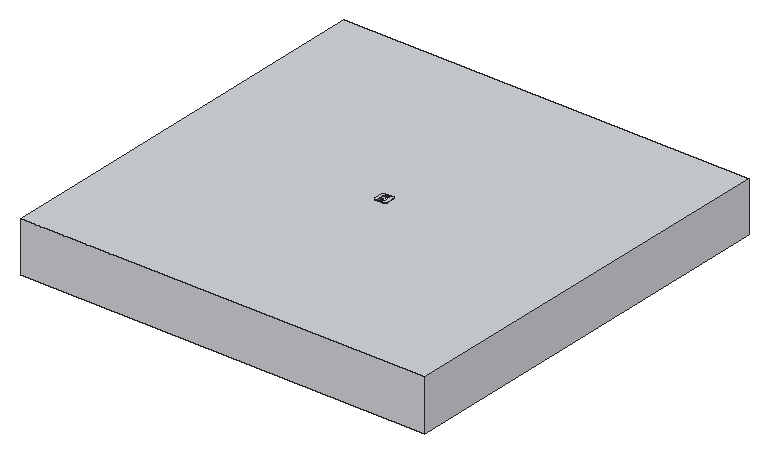
Revit family "Gira_200900", category Allgemeines Modell, Revit 2017
Family settings
  Basisbauteil = Fläche
  Kann Basisbauteil für Bewehrung sein = Nein
  Bemaßung runder Anschluss = Durchmesser verwenden
  Teiletyp = Normal
  Beim Laden mit Abzugskörper schneiden = Nein
  Gemeinsam genutzt = Nein
  Raumberechnungspunkt = Nein
Parameters
  Default Elevation = 1219.2 mm
  URL = "https://www.gira.de/"
  Typname = "Busankoppler 3 externer Fühler KNX Einsatz"
  Produktseite = "http://katalog.gira.de/de_DE/datenblatt.html?artikelnr=200900"
  Montageart = "Unterputz"
  Hersteller = "Gira"
  HAN = "200900"
  GTIN = "4010337082194"
  Datenblatt = "https://katalog.gira.de/de_DE/download.html?artikelnr=200900"
  Bussystem Powernet = no
  Bussystem LON = no
  Bussystem KNX-Funk = no
  Bussystem KNX = yes
  Bussystem Funkbus = no
  Beschreibung = "Einsatz KNX Busankoppler 3 mit externem Fühler   Merkmale: - Der Busankoppler 3 stellt die Verbindung zwischen dem KNX System und einem KNX Anwendungsmodul her. - Die Kombination aus dem Busankoppler 3 und einem Anwendungsmodul ergibt eine funktionale Einheit. - Im ETS-Projekt wird diese Einheit in Form des Applikationsprogramms des Anwendungsmoduls projektiert. - Am Busankoppler 3 mit externem Fühler kann zusätzlich ein Temperaturfernfühler angeschlossen werden. Ein Raumtemperaturregler kann dadurch die Temperatur an einer zusätzlichen Messstelle aufnehmen.  Hinweise : - Der Fernfühler funktioniert nur in Kombination mit einem Tastsensor 3 Plus."
  Befestigungsart = "Krallen-/Schraubbefestigung"
  BIM = "https://media.stage.bim.site/public/gira/876eb45/Eins.Busankopp.3%20ext.F%C3%BChler%20KNX.rfa?public/gira/876eb45/Eins.Busankopp.3 ext.Fühler KNX.rfa"
  Andere Bussysteme = "ohne"
Reference planes
  plane 1 "Center (Front/Back)": y = 0
  plane 2: z = 0
  plane 3 "Center (Left/Right)": x = 0
Forms (mm)
  Extrusion 1, solid
    sketch origin (0, 0, 0) x (1, 0, 0) y (0, 1, 0)
      loop
        line (-1219.2, 1219.2) -> (-1219.2, -1219.2) -> (1219.2, -1219.2) -> (1219.2, 1219.2) -> (-1219.2, 1219.2)
    from 0 to -304.8
  Extrusion 2, solid, detail levels fine
    sketch origin (0, 0, 0) x (1, 0, 0) y (0, 1, 0)
      loop
        line (-26.35, 35.35) -> (-35.35, 26.35) -> (-35.35, -26.35) -> (-26.35, -35.35) -> (26.35, -35.35) -> (35.35, -26.35) -> (35.35, 26.35) -> (26.35, 35.35) -> (-26.35, 35.35)
      loop
        line (-18.05, 14.982) -> (-18.05, -14.982) -> (-20.871, -18.592) -> (-12.991, -24.749) -> (-11.078, -22.3) -> (-9.5, -22.3) -> (-9.5, -23.669) -> (-8.5, -24.45) -> (-0.5, -24.45) -> (-0.5, -26.5) -> (8.5, -26.5) -> (8.5, -24.45) -> (9.5, -23.669) -> (9.5, -22.3) -> (11.047, -22.261) -> (12.991, -24.749) -> (20.871, -18.592) -> (18.05, -14.982) -> (18.05, 14.982) -> (20.871, 18.592) -> (12.991, 24.749) -> (11.078, 22.3) -> (9.5, 22.3) -> (9.5, 23.669) -> (8.5, 24.45) -> (0.5, 24.45) -> (0.5, 26.5) -> (-8.5, 26.5) -> (-8.5, 24.45) -> (-9.5, 23.669) -> (-9.5, 22.3) -> (-11.047, 22.261) -> (-12.991, 24.749) -> (-20.871, 18.592) -> (-18.05, 14.982)
    from 0 to 2
  Extrusion 3, solid, detail levels fine
    sketch origin (0, 0, 0) x (0, 1, 0) y (0, 0, 1)
      loop
        line (-7.494, -23.4) -> (-7.494, -15.4) -> (-9.494, -15.4) -> (-9.494, -12.4) -> (-7.494, -12.4) -> (-7.494, -9.9) -> (-14.697, -9.9) -> (-18.194, -17.4) -> (-18.194, -22.128) -> (-13.448, -23.4) -> (-7.494, -23.4)
    from -10.393 to -0.393
  Extrusion 4, solid, detail levels fine
    sketch origin (0, 0, 0) x (1, 0, 0) y (0, 1, 0)
      loop
        line (20.7, -16.55) -> (20.7, 16.55) -> (14.5, 16.55)
        arc (14.5, 16.55) -> (12.732, 17.282) -> (12, 19.05) r 2.5
        line (12, 19.05) -> (12, 22.7) -> (-12, 22.7) -> (-12, 19.05)
        arc (-12, 19.05) -> (-12.732, 17.282) -> (-14.5, 16.55) r 2.5
        line (-14.5, 16.55) -> (-20.7, 16.55) -> (-20.7, -16.55) -> (-14.5, -16.55)
        arc (-14.5, -16.55) -> (-12.732, -17.282) -> (-12, -19.05) r 2.5
        line (-12, -19.05) -> (-12, -22.7) -> (12, -22.7) -> (12, -19.05)
        arc (12, -19.05) -> (12.732, -17.282) -> (14.5, -16.55) r 2.5
        line (14.5, -16.55) -> (20.7, -16.55)
    from -8.6 to -7
  Extrusion 5, solid, detail levels medium+fine
    sketch origin (0, 0, 0) x (1, 0, 0) y (0, 1, 0)
      loop
        arc (-4.795, 6.55) -> (-8.507, 5.012) -> (-10.045, 1.3) r 5.25
        arc (-10.045, 1.3) -> (-8.507, -2.412) -> (-4.795, -3.95) r 5.25
        arc (-4.795, -3.95) -> (-1.083, -2.412) -> (0.455, 1.3) r 5.25
        arc (0.455, 1.3) -> (-1.083, 5.012) -> (-4.795, 6.55) r 5.25
    from -19.1 to -8.6
  Extrusion 6, solid, detail levels medium+fine
    sketch origin (0, 0, 0) x (1, 0, 0) y (0, 1, 0)
      loop
        arc (-12.632, -4.442) -> (-13.628, -2.038) -> (-16.032, -1.042) r 3.4
        arc (-16.032, -1.042) -> (-18.436, -2.038) -> (-19.432, -4.442) r 3.4
        arc (-19.432, -4.442) -> (-18.436, -6.846) -> (-16.032, -7.842) r 3.4
        arc (-16.032, -7.842) -> (-13.628, -6.846) -> (-12.632, -4.442) r 3.4
    from -14.7 to -8.6
  Extrusion 7, solid, detail levels fine
    sketch origin (0, 0, 0) x (1, 0, 0) y (0, 1, 0)
      loop
        line (-18.887, -9.502) -> (-18.887, -13.602) -> (-13.287, -13.602) -> (-13.287, -9.502) -> (-18.887, -9.502)
    from -11.05 to -8.6
  Extrusion 8, solid, detail levels medium+fine
    sketch origin (0, 0, 0) x (1, 0, 0) y (0, 1, 0)
      loop
        circle (-7.743, 16.606) r 0.5
      loop
        circle (-1.993, 16.606) r 0.5
    from -19.9 to -8.6
  Extrusion 9, solid, detail levels medium+fine
    sketch origin (0, 0, 0) x (1, 0, 0) y (0, 1, 0)
      loop
        line (-6.41, -16.06) -> (-6.41, -21.44) -> (6.41, -21.44) -> (6.41, -16.06) -> (-6.41, -16.06)
    from -7 to 1
  Extrusion 10, solid, detail levels medium+fine
    sketch origin (0, 0, 0) x (1, 0, 0) y (0, 1, 0)
      loop
        line (-12.25, 25.5) -> (-12.25, 24.5) -> (-9.75, 24.5) -> (-9.75, 25.5) -> (-12.25, 25.5)
      loop
        line (12.25, 25.5) -> (9.75, 25.5) -> (9.75, 24.5) -> (12.25, 24.5) -> (12.25, 25.5)
      loop
        line (-12.25, -25.5) -> (-9.75, -25.5) -> (-9.75, -24.5) -> (-12.25, -24.5) -> (-12.25, -25.5)
      loop
        line (12.25, -25.5) -> (12.25, -24.5) -> (9.75, -24.5) -> (9.75, -25.5) -> (12.25, -25.5)
    from 1 to 4
  Extrusion 11, solid, detail levels fine
    sketch origin (0, 0, 0) x (1, 0, 0) y (0, 1, 0)
      loop
        arc (16.499, 3.902) -> (14.594, 5.807) -> (12.689, 3.902) r 1.905
        line (12.689, 3.902) -> (12.689, -2.788)
        arc (12.689, -2.788) -> (14.594, -4.693) -> (16.499, -2.788) r 1.905
        line (16.499, -2.788) -> (16.499, 3.902)
    from -7 to -3.1
  Extrusion 12, solid, detail levels fine
    sketch origin (0, 0, 0) x (1, 0, 0) y (0, 1, 0)
      loop
        line (-6.28, -6.338) -> (-6.28, -0.738) -> (-10.38, -0.738) -> (-10.38, -6.338) -> (-6.28, -6.338)
      loop
        line (-7.59, 10.435) -> (-1.99, 10.435) -> (-1.99, 14.535) -> (-7.59, 14.535) -> (-7.59, 10.435)
      loop
        line (-1.601, -8.881) -> (-1.601, -3.281) -> (-5.701, -3.281) -> (-5.701, -8.881) -> (-1.601, -8.881)
    from -7 to -5.15
  Extrusion 13, solid, detail levels fine
    sketch origin (0, 0, 0) x (1, 0, 0) y (0, 1, 0)
      loop
        line (3.406, 2.855) -> (10.577, 2.855) -> (10.577, 9.91) -> (3.406, 9.91) -> (3.406, 2.855)
    from -7.59 to -6
  Extrusion 14, solid, detail levels medium
    sketch origin (0, 0, 0) x (1, 0, 0) y (0, 1, 0)
      loop
        line (35.35, 35.35) -> (-35.35, 35.35) -> (-35.35, -35.35) -> (35.35, -35.35) -> (35.35, 35.35)
    from 0 to 2
  Extrusion 15, solid, detail levels medium
    sketch origin (0, 0, 0) x (1, 0, 0) y (0, 1, 0)
      loop
        line (20.7, -22.7) -> (20.7, 22.7) -> (-20.7, 22.7) -> (-20.7, -22.7) -> (20.7, -22.7)
    from -8.6 to -7
  Extrusion 16, solid, detail levels medium
    sketch origin (0, 0, 0) x (0, 1, 0) y (0, 0, 1)
      loop
        line (-7.494, -23.4) -> (-7.494, -9.9) -> (-18.194, -9.9) -> (-18.194, -23.4) -> (-7.494, -23.4)
    from -10.393 to -0.393
  Extrusion 17, solid, detail levels medium
    sketch origin (0, 0, 0) x (1, 0, 0) y (0, 1, 0)
      loop
        line (12.689, -4.693) -> (16.499, -4.693) -> (16.499, 5.807) -> (12.689, 5.807) -> (12.689, -4.693)
    from -7 to -3.1
  Extrusion 18, solid, detail levels coarse
    sketch origin (0, 0, 0) x (1, 0, 0) y (0, 1, 0)
      loop
        line (35.35, 35.35) -> (-35.35, 35.35) -> (-35.35, -35.35) -> (35.35, -35.35) -> (35.35, 35.35)
    from -23.4 to 4
  Extrusion 19, solid, detail levels medium+fine
    sketch origin (0, 0, 0) x (1, 0, 0) y (0, 1, 0)
      loop
        circle (-7.893, -12.494) r 0.65
      loop
        circle (-2.893, -12.494) r 0.65
    from -9.9 to -7
Dimensions and locks
  aligned and locked: plane 2 to Extrusion 1
  aligned and locked: level to Extrusion 1
Connectors
  electrical at (0, 0, -23.4)
    settings: on Extrusion 18, index 1, voltage 220 V, apparent load 0 VA, apparent load phase1 0 VA, apparent load phase2 0 VA, apparent load phase3 0 VA, power factor 1, load classification "Other", number of poles 1, system type 31, power factor state 1, is connector primary yes, connector utility no, sub classification motor no, connector description ""
